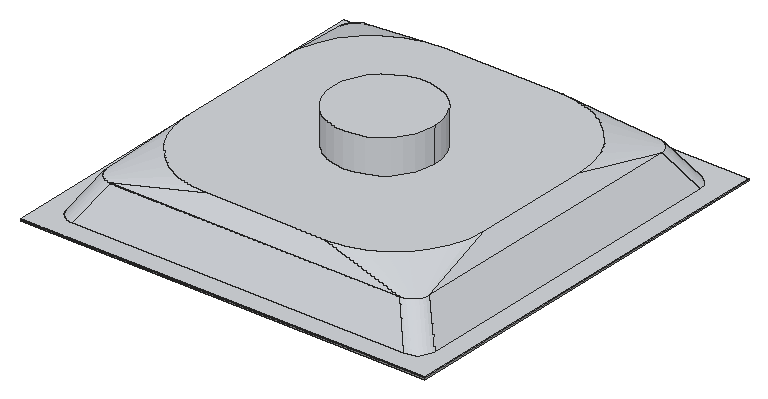
Revit family "PFVI bueno", category Air Terminals, Revit 2012
Parameters
  URL = "http://www.innes.com"
  Radio = A Cuello / 2  # 3"
  Minima velocidad de cuello = 300 FPM
  Minima presión estática = 0.00 in-wg
  Min Flow = 60 CFM
  Máxima velocidad de cuello = 1100 FPM
  Máxima presión estática = 0.00 in-wg
  Máximo nivel de ruido (NC) = "38"
  Max Flow = 220 CFM
  Material malla = "Aluminio/Acero"
  Cuello = "Redondo"
  B Plato = 23 7/8"
  Model = ""
  Manufacturer = "INNES"
  A Cuello = 6"
  Blend inicio 1.1 = 19 1/16"
  Blend inicio = 21 9/16"
  Blend final = 17 1/2"
  Base cuello = 3 1/32"
Reference planes (in)
  plane 1 "Center (Front/Back)": y = 0
  plane 2: z = 0
  plane 3 "Center (Left/Right)": x = 0
  plane 4: y = 11.9375
  plane 5: y = -11.9375
  plane 6: x = -11.9375
  plane 7: x = 11.9375
  plane 8 "BASE1 BLEND": z = 0.125
  plane 9: x = -10.78125
  plane 10: x = 10.78125
  plane 11: y = 10.78125
  plane 12: y = -10.78125
  plane 13: x = -9.53125
  plane 14: x = 9.53125
  plane 15: y = 9.53125
  plane 16: y = -9.53125
  plane 17: z = 2.125
  plane 18 "BASE CUELLO": z = 3.03125
  plane 19: x = -9.53125
  plane 20: x = 9.53125
  plane 21: y = 9.53125
  plane 22: y = -9.53125
  plane 23: x = -8.75
  plane 24: x = 8.75
  plane 25: y = 8.75
  plane 26: y = -8.75
Forms (in)
  Blend 1, solid
    base sketch origin (0, 0, 0.125) x (-1, 0, 0) y (0, -1, 0)
      loop
        arc (9.78125, -10.78125) -> (10.48836, -10.48836) -> (10.78125, -9.78125) r 1
        line (10.78125, -9.78125) -> (10.78125, 9.78125)
        arc (10.78125, 9.78125) -> (10.48836, 10.48836) -> (9.78125, 10.78125) r 1
        line (9.78125, 10.78125) -> (-9.78125, 10.78125)
        arc (-9.78125, 10.78125) -> (-10.48836, 10.48836) -> (-10.78125, 9.78125) r 1
        line (-10.78125, 9.78125) -> (-10.78125, -9.78125)
        arc (-10.78125, -9.78125) -> (-10.48836, -10.48836) -> (-9.78125, -10.78125) r 1
        line (-9.78125, -10.78125) -> (9.78125, -10.78125)
    top sketch origin (0, 0, 0.125) x (-1, 0, 0) y (0, -1, 0)
      loop
        arc (8.52301, -9.53125) -> (9.23012, -9.23836) -> (9.52301, -8.53125) r 1
        line (9.52301, -8.53125) -> (9.52301, 8.53125)
        arc (9.52301, 8.53125) -> (9.23012, 9.23836) -> (8.52301, 9.53125) r 1
        line (8.52301, 9.53125) -> (-8.53125, 9.53125)
        arc (-8.53125, 9.53125) -> (-9.23836, 9.23836) -> (-9.53125, 8.53125) r 1
        line (-9.53125, 8.53125) -> (-9.53125, -8.53125)
        arc (-9.53125, -8.53125) -> (-9.23836, -9.23836) -> (-8.53125, -9.53125) r 1
        line (-8.53125, -9.53125) -> (8.52301, -9.53125)
    from 0 to 2
  Blend 2, solid
    base sketch origin (0, 0, 3.03125) x (-1, 0, 0) y (0, -1, 0)
      loop
        arc (8.53125, -9.53125) -> (9.23836, -9.23836) -> (9.53125, -8.53125) r 1
        line (9.53125, -8.53125) -> (9.53125, 8.53125)
        arc (9.53125, 8.53125) -> (9.23836, 9.23836) -> (8.53125, 9.53125) r 1
        line (8.53125, 9.53125) -> (-8.53125, 9.53125)
        arc (-8.53125, 9.53125) -> (-9.23836, 9.23836) -> (-9.53125, 8.53125) r 1
        line (-9.53125, 8.53125) -> (-9.53125, -8.53125)
        arc (-9.53125, -8.53125) -> (-9.23836, -9.23836) -> (-8.53125, -9.53125) r 1
        line (-8.53125, -9.53125) -> (8.53125, -9.53125)
    top sketch origin (0, 0, 3.03125) x (-1, 0, 0) y (0, -1, 0)
      loop
        arc (3.5, -8.75) -> (7.21231, -7.21231) -> (8.75, -3.5) r 5.25
        line (8.75, -3.5) -> (8.75, 3.5)
        arc (8.75, 3.5) -> (7.21231, 7.21231) -> (3.5, 8.75) r 5.25
        line (3.5, 8.75) -> (-3.5, 8.75)
        arc (-3.5, 8.75) -> (-7.21231, 7.21231) -> (-8.75, 3.5) r 5.25
        line (-8.75, 3.5) -> (-8.75, -3.5)
        arc (-8.75, -3.5) -> (-7.21231, -7.21231) -> (-3.5, -8.75) r 5.25
        line (-3.5, -8.75) -> (3.5, -8.75)
    from -0.90625 to 0
  Extrusion 3, solid
    sketch origin (0, 0, 3.03125) x (-1, 0, 0) y (0, -1, 0)
      loop
        circle (0, 0) r 3
    from 0 to 2
  Extrusion 4, solid, material "Default"
    sketch origin (0, 0, 3.03125) x (-1, 0, 0) y (0, -1, 0)
      loop
        line (11.9375, -11.9375) -> (11.9375, 11.9375) -> (-11.9375, 11.9375) -> (-11.9375, -11.9375) -> (11.9375, -11.9375)
    from -3.03125 to -2.96283
  Extrusion 5, solid
    sketch origin (0, 0, 3.03125) x (-1, 0, 0) y (0, -1, 0)
      loop
        line (11.9375, -11.9375) -> (11.9375, 11.9375) -> (-11.9375, 11.9375) -> (-11.9375, -11.9375) -> (11.9375, -11.9375)
      loop
        arc (9.80356, -10.78125) -> (10.49489, -10.49489) -> (10.78125, -9.80356) r 0.97769
        line (10.78125, -9.80356) -> (10.78125, 9.806)
        arc (10.78125, 9.806) -> (10.49561, 10.49561) -> (9.806, 10.78125) r 0.97525
        line (9.806, 10.78125) -> (-9.81105, 10.78125)
        arc (-9.81105, 10.78125) -> (-10.49709, 10.49709) -> (-10.78125, 9.81105) r 0.9702
        line (-10.78125, 9.81105) -> (-10.78125, -9.82888)
        arc (-10.78125, -9.82888) -> (-10.47117, -10.50511) -> (-9.78038, -10.78125) r 1.00211
        line (-9.78038, -10.78125) -> (9.80356, -10.78125)
    from -2.96283 to -2.90625
Dimensions and locks (in)
  equal spacing: plane 4, plane 1 "Center (Front/Back)", plane 5
  equal spacing: plane 6, plane 3 "Center (Left/Right)", plane 7
  "B Plato": plane 4 to plane 5
  "B Plato": plane 6 to plane 7
  equal spacing: plane 9, plane 3 "Center (Left/Right)", plane 10
  equal spacing: plane 11, plane 1 "Center (Front/Back)", plane 12
  "Blend inicio": plane 9 to plane 10
  "Blend inicio": plane 11 to plane 12
  equal spacing: plane 13, plane 3 "Center (Left/Right)", plane 14
  equal spacing: plane 15, plane 1 "Center (Front/Back)", plane 16
  "Blend inicio 1.1": plane 13 to plane 14
  "Blend inicio 1.1": plane 15 to plane 16
  "Base cuello": plane 18 "BASE CUELLO" to level
  equal spacing: plane 21, plane 1 "Center (Front/Back)", plane 22
  "Blend inicio 1.1": plane 21 to plane 22
  equal spacing: plane 19, plane 3 "Center (Left/Right)", plane 20
  "Blend inicio 1.1": plane 19 to plane 20
  equal spacing: plane 25, plane 1 "Center (Front/Back)", plane 26
  "Blend final": plane 25 to plane 26
  equal spacing: plane 23, plane 3 "Center (Left/Right)", plane 24
  "Blend final": plane 23 to plane 24
  "Radio": radius of Extrusion 3 sketch curve
  aligned and locked: plane 2 to level
  aligned and locked: Extrusion 4 to level
  aligned and locked: Extrusion 5 sketch curve to Extrusion 4  (x4)
  aligned and locked: Extrusion 5 sketch curve to plane 11
  aligned and locked: plane 9 to Extrusion 5 sketch curve
  aligned and locked: plane 12 to Extrusion 5 sketch curve
  aligned and locked: Extrusion 5 sketch curve to plane 10
  aligned and locked: plane 8 "BASE1 BLEND" to Extrusion 5
  aligned and locked: Extrusion 5 to Extrusion 4
  aligned and locked: Extrusion 5 sketch curve to Extrusion 5 sketch curve
Automatic sketch dimensions
  Blend 1 sketch curve to plane 10 = 0"
  Blend 1 sketch curve to plane 11 = 0"
  Blend 1 sketch curve to plane 12 = 0"
  Blend 1 sketch curve to plane 9 = 0"
  Blend 1 sketch curve to Blend 1 sketch curve = 1"
  Blend 1 sketch curve to plane 10 = 1"
  plane 9 to Blend 1 sketch curve = 1"  (x2)
  Blend 1 sketch curve to plane 14 = 0"
  Blend 1 sketch curve to plane 16 = 0"
  Blend 1 sketch curve to plane 15 = 0"
  Blend 1 sketch curve to plane 14 = 1"  (x2)
  plane 13 to Blend 1 sketch curve = 1.00824"  (x2)
  plane 13 to Blend 1 sketch curve = 0.00824"
  Blend 2 sketch curve to plane 20 = 0"
  Blend 2 sketch curve to plane 22 = 0"
  Blend 2 sketch curve to plane 21 = 0"
  Blend 2 sketch curve to plane 19 = 0"
  Blend 2 sketch curve to plane 20 = 1"  (x2)
  plane 19 to Blend 2 sketch curve = 1"  (x2)
  Blend 2 sketch curve to plane 24 = 0"
  Blend 2 sketch curve to plane 26 = 0"
  Blend 2 sketch curve to plane 25 = 0"
  Blend 2 sketch curve to plane 23 = 0"
  plane 1 "Center (Front/Back)" to Blend 2 sketch curve = 3 1/2"
  Blend 2 sketch curve to plane 3 "Center (Left/Right)" = 3 1/2"  (x2)
  plane 3 "Center (Left/Right)" to Blend 2 sketch curve = 3 1/2"
  plane 1 "Center (Front/Back)" to Extrusion 3 sketch curve = 0"
  Extrusion 3 sketch curve to plane 3 "Center (Left/Right)" = 0"
  Extrusion 4 sketch curve to plane 4 = 0"
  Extrusion 4 sketch curve to plane 7 = 0"
  Extrusion 4 sketch curve to plane 5 = 0"
  Extrusion 4 sketch curve to plane 6 = 0"
  plane 20 to Extrusion 5 sketch curve = 0.2798"
  plane 21 to Extrusion 5 sketch curve = 0.24789"
  Extrusion 5 sketch curve to Extrusion 5 sketch curve = 1.00087"
  Extrusion 5 sketch curve to plane 19 = 0.27231"
  Extrusion 5 sketch curve to plane 19 = 0.27475"
Connectors (in)
  piping at (0, 0, 5.03125), driven by "Radio"
    settings: on Extrusion 3, index 1, connector radius 3", flow factor 0, pipe flow 0 GPM, pressure drop 0.00 psi, fitting loss kfactor 0, connector angle 0.00°, fixture units 0, engagement length 0", flow configuration 0, flow direction 0, fitting loss method 0, system type 7, joint type 0, gender type 0, connector reference index -1, connector utility 0, adjustable connector no, is connector primary yes, fitting loss table "", connector description ""
